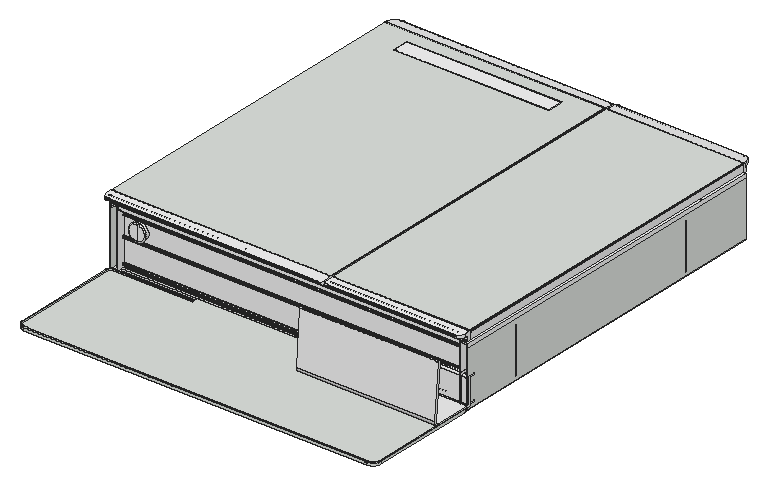
Revit family "Furniture-Lighted_Medicine_Cabinet-KOHLER-Family_Care-K-25238T_1", category Lighting Fixtures, host Face, Revit 2022 (continued)
Definition of nested family "K-25238T"
  Lines and regions (in)
    symbolic lines, detail levels medium+fine
      curve 42: line (-13.16142, 14.70003, 5.11811) -> (-13.16142, 14.19937, 5.11811)
      curve 43: line (-13.16142, 11.65546, 5.11811) -> (-13.16142, 9.40882, 5.11811)
      curve 44: line (-13.16142, 11.65546, 5.30561) -> (-13.16142, 9.40882, 5.30561)
      curve 45: line (-13.16142, 10.93525, 5.11811) -> (-13.16142, 10.93525, 5.30561)
      curve 46: line (-13.16142, 10.11748, 5.11811) -> (-13.16142, 10.11748, 5.30561)
      curve 47: line (-13.16142, 5.74714, 5.30561) -> (-13.16142, 2.91661, 5.30561)
      curve 48: line (-13.16142, 5.74714, 5.11811) -> (-13.16142, 2.91661, 5.11811)
      curve 49: line (-13.16142, -10.90177, 5.30561) -> (-13.16142, -13.14596, 5.30561)
      curve 50: line (-13.16142, -10.90177, 5.11811) -> (-13.16142, -13.14596, 5.11811)
      curve 51: line (-13.16142, -11.61909, 5.30561) -> (-13.16142, -11.61909, 5.11811)
      curve 52: line (-13.16142, -12.43099, 5.30561) -> (-13.16142, -12.43099, 5.11811)
      curve 53: line (-13.16142, -14.19937, 5.30561) -> (-13.16142, -14.70003, 5.30561)
      curve 54: line (-13.16142, -14.19937, 5.11811) -> (-13.16142, -14.70003, 5.11811)
      curve 55: line (-13.16142, -14.56693, 5.92766) -> (-13.16142, -14.56693, 6.04772)
      curve 56: line (-13.16142, -14.56693, 5.89616) -> (-13.16142, -14.56693, 5.32951)
      curve 57: arc (-13.16142, -14.59083, 5.30561) -> (-13.16142, -14.57393, 5.31261) -> (-13.16142, -14.56693, 5.32951) r 0.0239
      curve 58: line (-13.16142, 14.76378, 0.19094) -> (-13.16142, 14.76378, 0)
      curve 59: line (-13.16142, 14.76378, 0.07874) -> (-13.16142, -14.76378, 0.07874)
      curve 60: line (-13.16142, -14.76378, 0.03937) -> (-13.16142, 14.76378, 0.03937)
      curve 61: line (-13.16142, -14.76378, 0.35884) -> (-13.16142, -14.76378, 0.25987)
      curve 62: line (-13.16142, -14.76378, 0.22441) -> (-13.16142, -14.76378, 0)
      curve 63: line (-13.16142, -14.78346, 0) -> (-13.16142, -14.78346, 0.18958)
      curve 64: arc (-13.16142, -14.78346, 0.18958) -> (-13.16142, -14.79367, 0.21421) -> (-13.16142, -14.81829, 0.22441) r 0.03483
      curve 65: line (-13.16142, -14.76378, 4.80364) -> (-13.16142, 14.76378, 4.80364)
      curve 66: line (-13.16142, -14.76378, 4.76378) -> (-13.16142, 14.76378, 4.76378)
      curve 67: line (15.19685, 0, 4.80315) -> (15.27559, 0, 4.80315)
      curve 68: line (15.27559, 0, 4.76378) -> (15.23622, 0, 4.80315)
      curve 69: line (15.11805, 0, 5.0188) -> (14.66517, 0, 5.0188)
      curve 70: line (14.56542, 0, 5.11811) -> (14.56542, 0, 0)
      curve 71: line (14.66517, 0, 2.74807) -> (14.66517, 0, 5.0188)
      curve 72: line (15.08655, 0, 5.0188) -> (15.08655, 0, 0.24698)
      curve 73: arc (14.66517, 0, 3.91396) -> (14.8279, 0, 3.69392) -> (14.66517, 0, 3.47389) r 0.23013
      curve 74: arc (14.93338, 0, 3.66947) -> (14.85928, 0, 3.89806) -> (14.66517, 0, 4.0397) r 0.38962
      curve 75: line (14.93338, 0, 2.79981) -> (14.93338, 0, 3.66947)
      curve 76: line (14.69473, 0, 2.76043) -> (14.78835, 0, 2.73535)
      curve 77: arc (14.78835, 0, 2.73535) -> (14.80885, 0, 2.72165) -> (14.81677, 0, 2.6983) r 0.03835
      curve 78: line (14.81677, 0, 2.6983) -> (14.81677, 0, 2.42695)
      curve 79: arc (14.66517, 0, 2.79895) -> (14.67341, 0, 2.77468) -> (14.69473, 0, 2.76043) r 0.03988
      curve 80: arc (14.67673, 0, 2.68534) -> (14.66808, 0, 2.71618) -> (14.66517, 0, 2.74807) r 0.17603
      curve 81: line (14.67673, 0, 2.42974) -> (14.67673, 0, 2.68534)
      curve 82: line (14.66524, 0, 0.28713) -> (14.66524, 0, 2.39174)
      curve 83: arc (14.66524, 0, 2.39174) -> (14.66818, 0, 2.41159) -> (14.67673, 0, 2.42974) r 0.06858
      curve 84: arc (14.69575, 0, 2.36263) -> (14.67375, 0, 2.34793) -> (14.66524, 0, 2.32287) r 0.04115
      curve 85: line (14.78596, 0, 2.3868) -> (14.69575, 0, 2.36263)
      curve 86: arc (14.81677, 0, 2.42695) -> (14.80818, 0, 2.40165) -> (14.78596, 0, 2.3868) r 0.04157
      curve 87: line (14.67017, 0, 2.3424) -> (14.67017, 0, 2.41727)
      curve 88: line (14.67066, 0, 2.77877) -> (14.67066, 0, 2.70447)
      curve 89: line (15.05673, 0, 1.81555) -> (15.05673, 0, 2.79981)
      curve 90: line (14.66524, 0, 1.81555) -> (15.05673, 0, 1.81555)
      curve 91: line (15.23622, 0, 0.03937) -> (15.27559, 0, 0.07874)
      curve 92: line (15.15748, 0, 0.07874) -> (15.19685, 0, 0.03937)
      curve 93: line (15.19685, 0, 0.03937) -> (15.23622, 0, 0.03937)
      curve 94: line (14.63306, 0, 0.18861) -> (14.91889, 0, 0.18861)
      curve 95: arc (14.91889, 0, 0.18861) -> (14.93713, 0, 0.18106) -> (14.94468, 0, 0.16282) r 0.02579
      curve 96: line (14.94468, 0, 0.16282) -> (14.94468, 0, 0)
      curve 97: line (15.02378, 0, 0) -> (15.02378, 0, 0.28713)
      curve 98: line (15.02378, 0, 0.28713) -> (14.66524, 0, 0.28713)
      curve 99: line (14.60331, 0, 0.16929) -> (14.63306, 0, 0.18861)
      curve 100: line (14.56542, 0, 0.16929) -> (14.60331, 0, 0.16929)
      curve 101: line (15.05673, 0, 2.79981) -> (14.93338, 0, 2.79981)
      curve 102: line (15.15748, 0, 4.76378) -> (15.15748, 0, 0.24698)
      curve 103: line (15.11805, 0, 0.24698) -> (15.11805, 0, 5.0188)
      curve 104: line (15.11805, 0, 5.0188) -> (15.17768, 0, 5.0188)
      curve 105: line (15.17768, 0, 5.0188) -> (15.17768, 0, 4.89196)
      curve 106: line (15.17768, 0, 4.89196) -> (15.13697, 0, 4.89196)
      curve 107: line (15.13697, 0, 4.89196) -> (15.13697, 0, 4.80364)
      curve 108: line (15.13697, 0, 4.80364) -> (15.19734, 0, 4.80364)
      curve 109: line (15.19734, 0, 4.80364) -> (15.15748, 0, 4.76378)
      curve 110: line (15.15748, 0, 0.07874) -> (15.15748, 0, 0.24698)
      curve 111: line (15.15748, 0, 0.24698) -> (15.02378, 0, 0.24698)
      curve 112: line (15.15748, 0, 0.22441) -> (15.02378, 0, 0.22441)
      curve 113: spline (15.2754, 0, 6.02388) -> (15.27088, 0, 6.01232) -> (15.25681, 0, 6.0009) -> (15.23337, 0, 5.98976) -> (15.20083, 0, 5.97902) -> (15.1596, 0, 5.96882) -> (15.11016, 0, 5.95929) -> (15.05312, 0, 5.95053) -> (14.98918, 0, 5.94266) -> (14.91909, 0, 5.93576) -> (14.84372, 0, 5.92993) -> (14.76397, 0, 5.92523) -> (14.68081, 0, 5.92172)
      curve 114: spline (14.68081, 0, 5.92172) -> (14.66482, 0, 5.92063) -> (14.64879, 0, 5.91929) -> (14.63274, 0, 5.91769) -> (14.61666, 0, 5.91583) -> (14.60056, 0, 5.91373) -> (14.58446, 0, 5.91137) -> (14.56836, 0, 5.90877) -> (14.55228, 0, 5.90591) -> (14.53621, 0, 5.90281) -> (14.52018, 0, 5.89946) -> (14.50418, 0, 5.89587) -> (14.48822, 0, 5.89204)
      curve 115: spline (14.48822, 0, 5.81504) -> (14.50846, 0, 5.81057) -> (14.52874, 0, 5.80631) -> (14.54904, 0, 5.80229) -> (14.56935, 0, 5.79848) -> (14.58965, 0, 5.79491) -> (14.60991, 0, 5.79157) -> (14.63012, 0, 5.78847) -> (14.65026, 0, 5.7856) -> (14.67031, 0, 5.78298) -> (14.69025, 0, 5.7806) -> (14.71007, 0, 5.77847) -> (14.72975, 0, 5.77659)
      curve 116: line (-15.27559, 0, 5.77659) -> (3.46457, 0, 5.77659)
      curve 117: line (3.63069, 0, 5.92766) -> (14.83465, 0, 5.92766)
      curve 118: arc (15.27559, 0, 5.69531) -> (15.27137, 0, 5.73804) -> (15.25247, 0, 5.77659) r 0.12076
      curve 119: line (14.44574, 0, 5.30561) -> (13.24003, 0, 5.30561)
      curve 120: line (14.44574, 0, 5.11811) -> (13.24003, 0, 5.11811)
      curve 121: line (4.1875, 0, 5.11811) -> (3.68831, 0, 5.11811)
      curve 122: line (4.1875, 0, 5.30561) -> (3.68831, 0, 5.30561)
      curve 123: line (3.58268, 0, 5.77659) -> (15.25247, 0, 5.77659)
      curve 124: spline (3.77951, 0, 5.89215) -> (3.77124, 0, 5.89538) -> (3.76293, 0, 5.89849) -> (3.75461, 0, 5.90148) -> (3.74629, 0, 5.90435) -> (3.73799, 0, 5.90708) -> (3.72973, 0, 5.90968) -> (3.72153, 0, 5.91212) -> (3.7134, 0, 5.91442) -> (3.70537, 0, 5.91656) -> (3.69745, 0, 5.91854) -> (3.68966, 0, 5.92036) -> (3.68201, 0, 5.92201)
      curve 125: spline (3.68201, 0, 5.92201) -> (3.66737, 0, 5.92325) -> (3.6536, 0, 5.92465) -> (3.64081, 0, 5.92621) -> (3.62909, 0, 5.92791) -> (3.61853, 0, 5.92974) -> (3.60921, 0, 5.93168) -> (3.60122, 0, 5.93372) -> (3.59459, 0, 5.93585) -> (3.58939, 0, 5.93805) -> (3.58566, 0, 5.9403) -> (3.58342, 0, 5.94258) -> (3.5827, 0, 5.94488)
      curve 126: spline (3.66703, 0, 5.77659) -> (3.67607, 0, 5.77763) -> (3.68527, 0, 5.7791) -> (3.69459, 0, 5.78098) -> (3.70402, 0, 5.78327) -> (3.71352, 0, 5.78596) -> (3.72305, 0, 5.78905) -> (3.73259, 0, 5.79252) -> (3.74211, 0, 5.79637) -> (3.75158, 0, 5.80057) -> (3.76097, 0, 5.80513) -> (3.77024, 0, 5.81001) -> (3.77937, 0, 5.81521)
      curve 127: line (-14.77974, 0, 5.92766) -> (3.41655, 0, 5.92766)
      curve 128: spline (3.26777, 0, 5.81504) -> (3.2777, 0, 5.81063) -> (3.28769, 0, 5.8064) -> (3.29771, 0, 5.80236) -> (3.30773, 0, 5.79853) -> (3.31771, 0, 5.79491) -> (3.32762, 0, 5.79152) -> (3.33743, 0, 5.78837) -> (3.34709, 0, 5.78548) -> (3.35659, 0, 5.78284) -> (3.36588, 0, 5.78047) -> (3.37494, 0, 5.77839) -> (3.38372, 0, 5.77659)
      curve 129: spline (3.36224, 0, 5.92178) -> (3.35453, 0, 5.92066) -> (3.34674, 0, 5.91928) -> (3.33888, 0, 5.91764) -> (3.33097, 0, 5.91575) -> (3.32303, 0, 5.91361) -> (3.31506, 0, 5.91122) -> (3.30709, 0, 5.9086) -> (3.29914, 0, 5.90573) -> (3.29121, 0, 5.90264) -> (3.28333, 0, 5.89933) -> (3.27552, 0, 5.8958) -> (3.26778, 0, 5.89206)
      curve 130: spline (3.46455, 0, 5.94488) -> (3.4638, 0, 5.94255) -> (3.46148, 0, 5.94023) -> (3.45763, 0, 5.93794) -> (3.45226, 0, 5.93571) -> (3.44542, 0, 5.93355) -> (3.43716, 0, 5.93148) -> (3.42756, 0, 5.92952) -> (3.41667, 0, 5.92768) -> (3.4046, 0, 5.92597) -> (3.39143, 0, 5.92441) -> (3.37727, 0, 5.92301) -> (3.36224, 0, 5.92178)
      curve 131: line (3.35837, 0, 5.30561) -> (2.3657, 0, 5.30561)
      curve 132: line (3.35837, 0, 5.11811) -> (2.3657, 0, 5.11811)
      curve 133: line (-13.23699, 0, 5.30561) -> (-14.44574, 0, 5.30561)
      curve 134: line (-13.23699, 0, 5.11811) -> (-14.44574, 0, 5.11811)
      curve 135: spline (-14.73102, 0, 5.77626) -> (-14.71096, 0, 5.77707) -> (-14.6908, 0, 5.77833) -> (-14.67057, 0, 5.78004) -> (-14.65029, 0, 5.7822) -> (-14.62997, 0, 5.78481) -> (-14.60963, 0, 5.78785) -> (-14.58929, 0, 5.79134) -> (-14.56898, 0, 5.79527) -> (-14.5487, 0, 5.79963) -> (-14.52848, 0, 5.80442) -> (-14.50833, 0, 5.80964) -> (-14.48828, 0, 5.81527)
      curve 136: spline (-14.4882, 0, 5.89215) -> (-14.50493, 0, 5.89541) -> (-14.52167, 0, 5.89853) -> (-14.53843, 0, 5.90151) -> (-14.55519, 0, 5.90436) -> (-14.57194, 0, 5.90706) -> (-14.58867, 0, 5.90963) -> (-14.60538, 0, 5.91205) -> (-14.62205, 0, 5.91433) -> (-14.63867, 0, 5.91646) -> (-14.65523, 0, 5.91845) -> (-14.67172, 0, 5.92029) -> (-14.68814, 0, 5.92198)
      curve 137: spline (-14.68814, 0, 5.92198) -> (-14.77046, 0, 5.92556) -> (-14.84934, 0, 5.93031) -> (-14.92383, 0, 5.93618) -> (-14.99306, 0, 5.94309) -> (-15.05619, 0, 5.95095) -> (-15.11247, 0, 5.95969) -> (-15.16123, 0, 5.96918) -> (-15.2019, 0, 5.97933) -> (-15.23397, 0, 5.99) -> (-15.25708, 0, 6.00107) -> (-15.27094, 0, 6.01241) -> (-15.2754, 0, 6.02388)
      curve 138: line (-15.19685, 0, 4.80315) -> (-15.27559, 0, 4.80315)
      curve 139: line (-15.27559, 0, 4.76378) -> (-15.23622, 0, 4.80315)
      curve 140: line (-15.11805, 0, 5.0188) -> (-14.66517, 0, 5.0188)
      curve 141: line (-14.66517, 0, 2.74807) -> (-14.66517, 0, 5.0188)
      curve 142: line (-15.08655, 0, 5.0188) -> (-15.08655, 0, 0.24698)
      curve 143: arc (-14.66517, 0, 3.91396) -> (-14.8279, 0, 3.69392) -> (-14.66517, 0, 3.47389) r 0.23013
      curve 144: arc (-14.93338, 0, 3.66947) -> (-14.85928, 0, 3.89806) -> (-14.66517, 0, 4.0397) r 0.38962
      curve 145: line (-14.93338, 0, 2.79981) -> (-14.93338, 0, 3.66947)
      curve 146: line (-14.69473, 0, 2.76043) -> (-14.78835, 0, 2.73535)
      curve 147: arc (-14.78835, 0, 2.73535) -> (-14.80885, 0, 2.72165) -> (-14.81677, 0, 2.6983) r 0.03835
      curve 148: line (-14.81677, 0, 2.6983) -> (-14.81677, 0, 2.42695)
      curve 149: arc (-14.66517, 0, 2.79895) -> (-14.67341, 0, 2.77468) -> (-14.69473, 0, 2.76043) r 0.03988
      curve 150: arc (-14.67673, 0, 2.68534) -> (-14.66808, 0, 2.71618) -> (-14.66517, 0, 2.74807) r 0.17603
      curve 151: line (-14.67673, 0, 2.42974) -> (-14.67673, 0, 2.68534)
      curve 152: line (-14.66524, 0, 0.28713) -> (-14.66524, 0, 2.39174)
      curve 153: arc (-14.66524, 0, 2.39174) -> (-14.66818, 0, 2.41159) -> (-14.67673, 0, 2.42974) r 0.06858
      curve 154: arc (-14.69575, 0, 2.36263) -> (-14.67375, 0, 2.34793) -> (-14.66524, 0, 2.32287) r 0.04115
      curve 155: line (-14.78596, 0, 2.3868) -> (-14.69575, 0, 2.36263)
      curve 156: arc (-14.81677, 0, 2.42695) -> (-14.80818, 0, 2.40165) -> (-14.78596, 0, 2.3868) r 0.04157
      curve 157: line (-14.67017, 0, 2.3424) -> (-14.67017, 0, 2.41727)
      curve 158: line (-14.67066, 0, 2.77877) -> (-14.67066, 0, 2.70447)
      curve 159: line (-15.05673, 0, 1.81555) -> (-15.05673, 0, 2.79981)
      curve 160: line (-14.66524, 0, 1.81555) -> (-15.05673, 0, 1.81555)
      curve 161: line (-15.23622, 0, 0.03937) -> (-15.27559, 0, 0.07874)
      curve 162: line (-15.15748, 0, 0.07874) -> (-15.19685, 0, 0.03937)
      curve 163: line (-15.19685, 0, 0.03937) -> (-15.23622, 0, 0.03937)
      curve 164: line (-14.63306, 0, 0.18861) -> (-14.91889, 0, 0.18861)
      curve 165: arc (-14.91889, 0, 0.18861) -> (-14.93713, 0, 0.18106) -> (-14.94468, 0, 0.16282) r 0.02579
      curve 166: line (-14.94468, 0, 0.16282) -> (-14.94468, 0, 0)
      curve 167: line (-15.02378, 0, 0) -> (-15.02378, 0, 0.28713)
      curve 168: line (-15.02378, 0, 0.28713) -> (-14.66524, 0, 0.28713)
      curve 169: line (-14.60331, 0, 0.16929) -> (-14.63306, 0, 0.18861)
      curve 170: line (-14.56542, 0, 0.16929) -> (-14.60331, 0, 0.16929)
      curve 171: line (-15.05673, 0, 2.79981) -> (-14.93338, 0, 2.79981)
      curve 172: line (-15.15748, 0, 0.07874) -> (-15.15748, 0, 0.24698)
      curve 173: line (-15.15748, 0, 0.22441) -> (-15.02378, 0, 0.22441)
      curve 174: line (-15.11805, 0, 0.24698) -> (-15.02378, 0, 0.24698)
      curve 175: line (-14.56542, 0, 5.11811) -> (-14.56542, 0, 0)
      curve 176: line (-14.56542, 0, 4.80315) -> (14.56542, 0, 4.80315)
      curve 177: line (-14.56542, 0, 4.44767) -> (14.56542, 0, 4.44767)
      curve 178: line (-14.56542, 0, 4.38103) -> (14.56542, 0, 4.38103)
      curve 179: line (-14.56542, 0, 4.28021) -> (14.56542, 0, 4.28021)
      curve 180: line (-14.56542, 0, 4.21085) -> (14.56542, 0, 4.21085)
      curve 181: line (-14.56542, 0, 2.67602) -> (14.56542, 0, 2.67602)
      curve 182: line (-14.56542, 0, 2.60938) -> (14.56542, 0, 2.60938)
      curve 183: line (-14.56542, 0, 2.50856) -> (14.56542, 0, 2.50856)
      curve 184: line (-14.56542, 0, 2.43919) -> (14.56542, 0, 2.43919)
      curve 185: line (-14.56542, 0, 0.61149) -> (14.56542, 0, 0.61149)
      curve 186: line (-14.56542, 0, 0.54485) -> (14.56542, 0, 0.54485)
      curve 187: line (-14.56542, 0, 0.44403) -> (-11.02362, 0, 0.44403)
      curve 188: line (-14.56542, 0, 0.37466) -> (-11.02362, 0, 0.37466)
      curve 189: line (14.56542, 0, 0.24698) -> (11.02362, 0, 0.24698)
      curve 190: line (-9.52756, 0, 0) -> (-9.52756, 0, 0.52559)
      curve 191: line (-9.52756, 0, 0.52559) -> (-11.02362, 0, 0.52559)
      curve 192: line (-11.02362, 0, 0.52559) -> (-11.02362, 0, 0)
      curve 193: line (-9.52756, 0, 0.19094) -> (-11.02362, 0, 0.19094)
      curve 194: line (-9.52756, 0, 0.44403) -> (9.52756, 0, 0.44403)
      curve 195: line (-9.52756, 0, 0.37466) -> (9.52756, 0, 0.37466)
      curve 196: line (-11.02362, 0, 0.24698) -> (-14.56542, 0, 0.24698)
      curve 197: line (-9.52756, 0, 0.27966) -> (-11.02362, 0, 0.27966)
      curve 198: line (11.02362, 0, 0) -> (11.02362, 0, 0.52559)
      curve 199: line (9.52756, 0, 0.52559) -> (9.52756, 0, 0)
      curve 200: line (11.02362, 0, 0.52559) -> (9.52756, 0, 0.52559)
      curve 201: line (11.02362, 0, 0.44403) -> (14.56542, 0, 0.44403)
      curve 202: line (11.02362, 0, 0.37466) -> (14.56542, 0, 0.37466)
      curve 203: line (9.52756, 0, 0.24698) -> (-9.52756, 0, 0.24698)
      curve 204: line (11.02362, 0, 0.19094) -> (9.52756, 0, 0.19094)
      curve 205: line (9.52756, 0, 0.27461) -> (11.02362, 0, 0.27461)
  Dimensions and locks (in)
    plane 4 to plane 5 = 30.55118"
    plane 4 to plane 6 = 18.74016"
    plane 7 to plane 5 = 11.69291"
    plane 9 to plane 8 = 40.27559"
    plane 10 to plane 8 = 31.10236"
    plane 10 to plane 11 = 2.74803"
    plane 12 to level = 5.11811"
    plane 13 to plane 12 = 0.92913"
    plane 17 to plane 9 = 20.1378"
    aligned and locked: plane 2 to level
